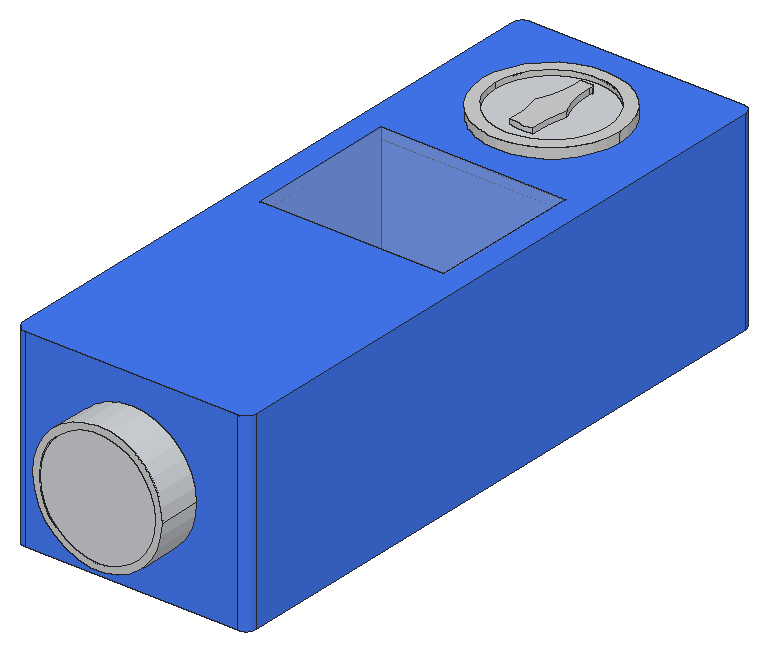
Revit family "Building-ConnessioniIEC309-GEWISS-66IB-PRESE-INTERBLOCCATE-HD_IP66_SENZA_FONDO", category Apparecchi elettrici, host Superficie, Revit 2019
Family settings
  Host = Superficie
  Mantenere orientamento annotazione = Sì
  Quota connettore circolare = Usa diametro
  Tipo di parte = Normale
  Taglio con vuoti quando caricato = Sì
  Condiviso = Sì
  Punto di calcolo locali = Sì
Parameters (values of type "GW66557 - PRESA BL.IP66 S.F.3P+T 32A 380V 3H DIR")
  volt = 0 V
  vetro = Default - Vetro
  presa = Grigio RAL - 7035
  n-poli = 1
  giallo = 0 mm
  dist_piano [instance] = 0 mm
  Vista_2d_pianta [instance] = yes
  Versione file RFA = "21.4"
  URL = "https://www.gewiss.com/it/it"
  Tipologia = "Verticale"
  Tipo di impiego = "Impieghi gravosi"
  Termopressione con biglia = "80 °C"
  Tensione nominale = "380-440V"
  Temperatura di utilizzo = "-25 +40 °C"
  Temperatura di funzionamento = "-25 ÷ +40 °C"
  Struttura = Grigio RAL - 7035
  Simbolo presa = PRESAINDSTAGNA : 3P
  Simbolo [instance] = no
  Simb_circuito [instance] = not(Simbolo)  # yes
  Scheda Tecnica = "https://www.gewiss.com/it/it/search?q=GW66557"
  SEO = "Presa"
  Riferimento h = "3"
  Resistenza agli urti a -20Â°C = "20J"
  Resistenza agli urti = "> IK10"
  Protezione = "NO (SBF)"
  Default Elevation = 1219.2 mm
  Produttore = "GEWISS S.p.A."
  Numero di poli = "3P+T"
  N. poli = "3P+T"
  Modello = "GW66557"
  Immagine tipo = M.jpg
  IDT = "38c102dc-65b8-441d-a2b4-99b5fbc5d4a6"
  IDF = "61bb3ee4-78ce-4e01-93d1-de5956ea7040"
  Grado di protezione = "IP66"
  Glow wire test: = "850 °C"
  Glow Wire Test = "850 °C"
  Frequenza nominale (Hz) = "50/60 Hz"
  Frequenza = "50/60 Hz"
  Distanza x [instance] = 500 mm
  Distanza orizzontale simbolo [instance] = 0 mm
  Distanza effettiva x [instance] = 1500 mm - Distanza x  # 1000 mm
  Descrizione = "PRESA BL.IP66 S.F.3P+T 32A 380V 3H DIR"
  Creato da GEWISS S.p.A. = ""
  Corrente nominale (In) = "32"
  Corrente nominale (A) = "32"
  Corpo presa = Light Blue
  Cornice simbolo [instance] = yes
  Con fondo = "No"
  Colore: = "Rosso"
  Colore = "Rosso"
  Codice Electrocod = "2222"
  Codice EAN = "8011564098527"
  Catalogo Serie = "66 IB"
  Catalogo = "BUILDING"
  COBie.Tagnumber = ""
  COBie.CreatedOn = ""
  COBie.CreatebBy = ""
  COBie.ComponentRegisterItemID = ""
  COBie.Component.TagNumber = ""
  COBie.Component.Space = ""
  COBie.Component.SerialNumber = ""
  COBie.Component.InstallationDate = ""
  COBie.Component.Description = ""
  COBie.Component.BarCode = ""
Types (23, lengths in mm): name | Tensione nominale | Scheda Tecnica | Riferimento h | Numero di poli | N. poli | Modello | IDT | Descrizione | Corrente nominale (In) | Corrente nominale (A) | Colore: | Colore | Codice EAN
  GW66535 - PRESA BL.IP66 S.F.2P+T 16A 110V 4H DIR | "100-130V" | "https://www.gewiss.com/it/it/search?q=GW66535" | "4" | "2P+T" | "2P+T" | "GW66535" | "3a954089-bcf9-4d69-adb2-ec131f6cb405" | "PRESA BL.IP66 S.F.2P+T 16A 110V 4H DIR" | "16" | "16" | "Giallo" | "Giallo" | "8011564098305"
  GW66536 - PRESA BL.IP66 S.F.3P+T 16A 110V 4H DIR | "100-130V" | "https://www.gewiss.com/it/it/search?q=GW66536" | "4" | "3P+T" | "3P+T" | "GW66536" | "325180c0-fe7b-48e3-bdcb-87054fda137f" | "PRESA BL.IP66 S.F.3P+T 16A 110V 4H DIR" | "16" | "16" | "Giallo" | "Giallo" | "8011564098312"
  GW66537 - PRESA BL.IP66 S.F.3P+N+T 16A 110V 4H DIR | "100-130V" | "https://www.gewiss.com/it/it/search?q=GW66537" | "4" | "3P+N+T" | "3P+N+T" | "GW66537" | "54385bb3-2ccc-4d80-a463-00b53d4a92bd" | "PRESA BL.IP66 S.F.3P+N+T 16A 110V 4H DIR" | "16" | "16" | "Giallo" | "Giallo" | "8011564098329"
  GW66538 - PRESA BL.IP66 S.F.2P+T 16A 230V 6H DIR | "200-250V" | "https://www.gewiss.com/it/it/search?q=GW66538" | "6" | "2P+T" | "2P+T" | "GW66538" | "6ee9678c-711d-4368-bc20-f30deed992b9" | "PRESA BL.IP66 S.F.2P+T 16A 230V 6H DIR" | "16" | "16" | "Blu" | "Blu" | "8011564098336"
  GW66539 - PRESA BL.IP66 S.F.3P+T 16A 230V 9H DIR | "200-250V" | "https://www.gewiss.com/it/it/search?q=GW66539" | "9" | "3P+T" | "3P+T" | "GW66539" | "76d0c6d1-da87-463d-8364-f78ca17b47e8" | "PRESA BL.IP66 S.F.3P+T 16A 230V 9H DIR" | "16" | "16" | "Blu" | "Blu" | "8011564098343"
  GW66540 - PRESA BL.IP66 S.F.3P+N+T 16A 230V 9H DIR | "200-250V" | "https://www.gewiss.com/it/it/search?q=GW66540" | "9" | "3P+N+T" | "3P+N+T" | "GW66540" | "62aab991-9a94-4f32-b406-b953c084c1fd" | "PRESA BL.IP66 S.F.3P+N+T 16A 230V 9H DIR" | "16" | "16" | "Blu" | "Blu" | "8011564098350"
  GW66541 - PRESA BL.IP66 S.F.2P+T 16A 400V 9H DIR | "380-415V" | "https://www.gewiss.com/it/it/search?q=GW66541" | "9" | "2P+T" | "2P+T" | "GW66541" | "ea950c16-c3d3-4f90-a8d7-4c6fc6a2d06f" | "PRESA BL.IP66 S.F.2P+T 16A 400V 9H DIR" | "16" | "16" | "Rosso" | "Rosso" | "8011564098367"
  GW66542 - PRESA BL.IP66 S.F.3P+T 16A 400V 6H DIR | "380-415V" | "https://www.gewiss.com/it/it/search?q=GW66542" | "6" | "3P+T" | "3P+T" | "GW66542" | "65744fe1-656c-410e-bd31-1b3795312f3d" | "PRESA BL.IP66 S.F.3P+T 16A 400V 6H DIR" | "16" | "16" | "Rosso" | "Rosso" | "8011564098374"
  GW66543 - PRESA BL.IP66 S.F.3P+N+T 16A 400V 6H DIR | "380-415V" | "https://www.gewiss.com/it/it/search?q=GW66543" | "6" | "3P+N+T" | "3P+N+T" | "GW66543" | "1c032544-72cf-4b82-a583-bc25dfc51a86" | "PRESA BL.IP66 S.F.3P+N+T 16A 400V 6H DIR" | "16" | "16" | "Rosso" | "Rosso" | "8011564098381"
  GW66544 - PRESA BL.IP66 S.F.3P+T 16A 500V 7H DIR | "480-500V" | "https://www.gewiss.com/it/it/search?q=GW66544" | "7" | "3P+T" | "3P+T" | "GW66544" | "2972cdae-c785-4537-a4fd-b216b0335ff1" | "PRESA BL.IP66 S.F.3P+T 16A 500V 7H DIR" | "16" | "16" | "Nero" | "Nero" | "8011564098398"
  GW66545 - PRESA BL.IP66 S.F.3P+N+T 16A 500V 7H DIR | "480-500V" | "https://www.gewiss.com/it/it/search?q=GW66545" | "7" | "3P+N+T" | "3P+N+T" | "GW66545" | "cefca9c5-cf11-4d15-990c-636870cac781" | "PRESA BL.IP66 S.F.3P+N+T 16A 500V 7H DIR" | "16" | "16" | "Nero" | "Nero" | "8011564098404"
  GW66546 - PRESA BL.IP66 S.F.2P+T 32A 110V 4H DIR | "100-130V" | "https://www.gewiss.com/it/it/search?q=GW66546" | "4" | "2P+T" | "2P+T" | "GW66546" | "f410c9f8-1e49-4231-a3bc-43f4d23a0566" | "PRESA BL.IP66 S.F.2P+T 32A 110V 4H DIR" | "32" | "32" | "Giallo" | "Giallo" | "8011564098411"
  GW66547 - PRESA BL.IP66 S.F.3P+T 32A 110V 4H DIR | "100-130V" | "https://www.gewiss.com/it/it/search?q=GW66547" | "4" | "3P+T" | "3P+T" | "GW66547" | "b260ca9d-19b2-46a5-904f-4121089cd508" | "PRESA BL.IP66 S.F.3P+T 32A 110V 4H DIR" | "32" | "32" | "Giallo" | "Giallo" | "8011564098428"
  GW66548 - PRESA BL.IP66 S.F.3P+N+T 32A 110V 4H DIR | "100-130V" | "https://www.gewiss.com/it/it/search?q=GW66548" | "4" | "3P+N+T" | "3P+N+T" | "GW66548" | "bb2ad851-4d70-4977-92c6-8ff996e89d91" | "PRESA BL.IP66 S.F.3P+N+T 32A 110V 4H DIR" | "32" | "32" | "Giallo" | "Giallo" | "8011564098435"
  GW66549 - PRESA BL.IP66 S.F.2P+T 32A 230V 6H DIR | "200-250V" | "https://www.gewiss.com/it/it/search?q=GW66549" | "6" | "2P+T" | "2P+T" | "GW66549" | "8cc5d177-90a3-43ad-adfe-fbe1c562771c" | "PRESA BL.IP66 S.F.2P+T 32A 230V 6H DIR" | "32" | "32" | "Blu" | "Blu" | "8011564098442"
  GW66550 - PRESA BL.IP66 S.F.3P+T 32A 230V 9H DIR | "200-250V" | "https://www.gewiss.com/it/it/search?q=GW66550" | "9" | "3P+T" | "3P+T" | "GW66550" | "818009f0-a0d8-4baf-a6aa-da972431c1fe" | "PRESA BL.IP66 S.F.3P+T 32A 230V 9H DIR" | "32" | "32" | "Blu" | "Blu" | "8011564098459"
  GW66551 - PRESA BL.IP66 S.F.3P+N+T 32A 230V 9H DIR | "200-250V" | "https://www.gewiss.com/it/it/search?q=GW66551" | "9" | "3P+N+T" | "3P+N+T" | "GW66551" | "4963179e-1562-4623-90fa-eb615016eb42" | "PRESA BL.IP66 S.F.3P+N+T 32A 230V 9H DIR" | "32" | "32" | "Blu" | "Blu" | "8011564098466"
  GW66552 - PRESA BL.IP66 S.F.2P+T 32A 400V 9H DIR | "380-415V" | "https://www.gewiss.com/it/it/search?q=GW66552" | "9" | "2P+T" | "2P+T" | "GW66552" | "301b24ee-8bf6-4705-8141-b63ca53baf5e" | "PRESA BL.IP66 S.F.2P+T 32A 400V 9H DIR" | "32" | "32" | "Rosso" | "Rosso" | "8011564098473"
  GW66553 - PRESA BL.IP66 S.F.3P+T 32A 400V 6H DIR | "380-415V" | "https://www.gewiss.com/it/it/search?q=GW66553" | "6" | "3P+T" | "3P+T" | "GW66553" | "76c1f5c5-58ea-469f-8bfc-5a346cfa2ef4" | "PRESA BL.IP66 S.F.3P+T 32A 400V 6H DIR" | "32" | "32" | "Rosso" | "Rosso" | "8011564098480"
  GW66554 - PRESA BL.IP66 S.F.3P+N+T 32A 400V 6H DIR | "380-415V" | "https://www.gewiss.com/it/it/search?q=GW66554" | "6" | "3P+N+T" | "3P+N+T" | "GW66554" | "eca66295-dbb9-4f1c-80bf-028c5649c8cc" | "PRESA BL.IP66 S.F.3P+N+T 32A 400V 6H DIR" | "32" | "32" | "Rosso" | "Rosso" | "8011564098497"
  GW66555 - PRESA BL.IP66 S.F.3P+T 32A 500V 7H DIR | "480-500V" | "https://www.gewiss.com/it/it/search?q=GW66555" | "7" | "3P+T" | "3P+T" | "GW66555" | "b8b55278-b2e3-461c-bc8b-82fed4d71479" | "PRESA BL.IP66 S.F.3P+T 32A 500V 7H DIR" | "32" | "32" | "Nero" | "Nero" | "8011564098503"
  GW66556 - PRESA BL.IP66 S.F.3P+N+T 32A 500V 7H DIR | "480-500V" | "https://www.gewiss.com/it/it/search?q=GW66556" | "7" | "3P+N+T" | "3P+N+T" | "GW66556" | "320dc6a1-2f2a-4559-aff4-a3f4894f82d4" | "PRESA BL.IP66 S.F.3P+N+T 32A 500V 7H DIR" | "32" | "32" | "Nero" | "Nero" | "8011564098510"
  GW66557 - PRESA BL.IP66 S.F.3P+T 32A 380V 3H DIR | "380-440V" | "https://www.gewiss.com/it/it/search?q=GW66557" | "3" | "3P+T" | "3P+T" | "GW66557" | "38c102dc-65b8-441d-a2b4-99b5fbc5d4a6" | "PRESA BL.IP66 S.F.3P+T 32A 380V 3H DIR" | "32" | "32" | "Rosso" | "Rosso" | "8011564098527"
Reference planes
  plane 1 "Centro (Fronte/Retro)": y = 0
  plane 2: z = 0
  plane 3 "Centro (Sinistra/Destra)": x = 0
  plane 4: z = -2
  plane 5: x = -500
  plane 6: x = -1500
  plane 7: x = -500
  plane 8: through (-170.762, -4572, -38.353) normal (-0.6157, 0, 0.788)
  plane 9: x = -51.152
  plane 10: x = 53.222
  plane 11: z = -2
  plane 12: x = -74
  plane 13: x = 74
  plane 14: y = 392
  plane 15: y = -2
Forms (mm)
  Extrusion 1, solid, detail levels coarse
    sketch origin (0, 0, 0) x (1, 0, 0) y (0, 1, 0)
      loop
        line (-74, 392) -> (-74, -2) -> (74, -2) -> (74, 392) -> (-74, 392)
    from 0 to 123
Lines and regions (mm)
  Masking region 1, visible <- "Vista_2d_pianta"
    outline origin (0, 0, 0) x (1, 0, 0) y (0, 0, 1)
  Masking region 2, visible <- "Vista_2d_pianta"
    outline origin (0, 0, 0) x (1, 0, 0) y (0, 0, 1)
      loop
        line (-74, 0) -> (74, 0) -> (74, 123) -> (-74, 123) -> (-74, 0)
Dimensions and locks
  locked: plane 2 to plane 4 at 2
  "Distanza effettiva x": plane 5 to plane 6
  plane 3 "Centro (Sinistra/Destra)" to plane 6 = 1500 mm
  "Distanza effettiva x": plane 6 to plane 7
  locked: plane 15 to plane 1 "Centro (Fronte/Retro)" at 2
  locked: plane 12 to nested 1 at 2
  locked: nested 1 to plane 13 at 2
  locked: plane 14 to nested 1 at 2
  "dist_piano": plane 11 to plane 4
  plane 6 to plane 3 "Centro (Sinistra/Destra)" = 1500 mm
  angle plane 8 to plane 4 = 142.00°
  angle plane 7 to plane 8 = 128.00°
  aligned and locked: plane 2 to host face
  aligned and locked: level to host face
  aligned and locked: plane 3 "Centro (Sinistra/Destra)" to nested 1
  aligned and locked: plane 7 to nested 3
  aligned and locked: Masking region 2 to plane 12
  aligned and locked: plane 13 to Masking region 2
  aligned and locked: Masking region 2 to level
  aligned and locked: nested 1 to plane 11
  aligned and locked: Masking region 2 to nested 1
  aligned and locked: Extrusion 1 sketch curve to plane 12
  aligned and locked: Extrusion 1 sketch curve to plane 14
  aligned and locked: Extrusion 1 sketch curve to plane 13
  aligned and locked: Extrusion 1 sketch curve to plane 15
  aligned and locked: Extrusion 1 to nested 1
  aligned and locked: Extrusion 1 to level
  aligned and locked: plane 7 to nested 2
Automatic sketch dimensions
  host sketch curve to host sketch curve = 2438.4 mm  (x2)
  Masking region 2 sketch curve to plane 10 = 20.778 mm
  plane 9 to Masking region 2 sketch curve = 22.848 mm
  level to Masking region 2 sketch curve = 0 mm
  Masking region 2 sketch curve to Masking region 2 sketch curve = 123 mm
Nested families
  nested 1: "GW66824_no fondo_master" at (0, 0, -77), type "GW66824_no fondo_master", detail levels medium+fine
  nested 2: "simbolo_circuitoGW66201N" at (-500, 30.442, 0), Distanza dal muro <- "Distanza orizzontale simbolo", SIMBOLO ACCESO <- "Simb_circuito", type "3P"
  nested 3: "PRESAINDSTAGNA" at (-500, 23.722, 0), Distanza dal muro <- "Distanza orizzontale simbolo", SIMBOLO ACCESO <- "Simbolo", type "3P"
    with SIMBOLO ACCESO no, Distanza dal muro 0 mm, BORDO ACCESO yes
Connectors
  electrical at (0, 195.052, -2), driven by "n-poli", driven by "volt"
    settings: on nested 1, index 1, voltage 0 V, apparent load 0 VA, apparent load phase1 0 VA, apparent load phase2 0 VA, apparent load phase3 0 VA, power factor 1, load classification "Altro", number of poles 1, system type 31, power factor state 1, is connector primary yes, connector utility no, sub classification motor no, connector description ""
Definition of nested family "GW66824_no fondo_master"
  Parameters (values of type "GW66824_no fondo_master")
    w = 144 mm
    sp_interbloccata = 119 mm
    d_piano = 75 mm
    corpo presa = none
    Vetro = none
    Struttura = none
    Spessore = 30 mm
    Raggio = 40 mm
    Default Elevation = 14 mm
    Presa = none
    Lunghezza = 103 mm
    IFC.TypeObject = ""
    IFC.ExportType = ""
    IFC.ExportAs = ""
    H_da terra = 586.883 mm
    COBie.CreatedOn = ""
    COBie.CreatebBy = ""
    COBie.ComponentRegisterItemID = ""
    COBie.Component.TagNumber = ""
    COBie.Component.Space = ""
    COBie.Component.SerialNumber = ""
    COBie.Component.InstallationDate = ""
    COBie.Component.Description = ""
    COBie.Component.BarCode = ""
    Altezza = 390 mm
  Reference planes
    plane 1 "Centro (Fronte/Retro)": y = 0
    plane 2: z = 0
    plane 3 "Centro (Sinistra/Destra)": x = 0
    plane 4 "presa": z = 210
    plane 5: z = 200
    plane 6: z = 194
    plane 7: x = -72
    plane 8: x = 72
    plane 9: y = 390
    plane 10: y = 0
    plane 11: y = 324
    plane 12: z = 197
    plane 13: y = 217
    plane 14: x = -57
    plane 15: x = 57
    plane 16: y = 264
    plane 17: y = 170
    plane 18: z = 84.858
    plane 19: z = 187.562
    plane 20: z = 75
    plane 21: z = 136.21
    plane 22 "presa fronte": y = -26
  Forms (mm)
    Extrusion 1, solid, material <- "Struttura"
      sketch origin (0, -427.104, -30) x (1, 0, 0) y (0, 1, 0)
        loop
          circle (0, 751.104) r 34.75
        loop
          circle (0, 751.104) r 42.079
      from 224 to 230
    Extrusion 2, solid, material <- "Struttura"
      sketch origin (0, -427.104, -30) x (1, 0, 0) y (0, 1, 0)
        loop
          arc (-9.552, 750.899) -> (-7.429, 739.645) -> (-7.314, 728.193) r 64.983
          arc (-7.314, 728.193) -> (-0.131, 727.067) -> (7.064, 728.115) r 24.316
          arc (7.064, 728.115) -> (7.302, 739.566) -> (9.547, 750.796) r 64.983
          arc (9.547, 750.796) -> (5.519, 762.425) -> (4.215, 774.661) r 54.251
          line (4.215, 774.661) -> (4.25, 777.658)
          arc (4.25, 777.658) -> (3.985, 778.329) -> (3.336, 778.647) r 1
          arc (3.336, 778.647) -> (0.147, 778.794) -> (-3.043, 778.682) r 39.364
          arc (-3.043, 778.682) -> (-3.695, 778.371) -> (-3.967, 777.702) r 1
          line (-3.967, 777.702) -> (-3.964, 774.706)
          arc (-3.964, 774.706) -> (-5.4, 762.483) -> (-9.552, 750.899) r 54.251
      from 224 to 230
    Extrusion 3, solid, material <- "corpo presa"
      sketch origin (-2.5, -699.604, -30) x (1, 0, 0) y (0, 1, 0)
        loop
          arc (74.5, 1083.298) -> (72.653, 1087.757) -> (68.194, 1089.604) r 6.306
          line (68.194, 1089.604) -> (-63.194, 1089.604)
          arc (-63.194, 1089.604) -> (-67.653, 1087.757) -> (-69.5, 1083.298) r 6.306
          line (-69.5, 1083.298) -> (-69.5, 706.118)
          arc (-69.5, 706.118) -> (-67.592, 701.512) -> (-62.985, 699.604) r 6.515
          line (-62.985, 699.604) -> (67.985, 699.604)
          arc (67.985, 699.604) -> (72.592, 701.512) -> (74.5, 706.118) r 6.515
          line (74.5, 706.118) -> (74.5, 1083.298)
      from 105 to 224
    Extrusion 4, solid
      sketch origin (0, 0, 210) x (0, -1, 0) y (1, 0, 0)
        loop
          circle (-324, 0) r 34.75
      from -16 to -13
    Extrusion 5, void
      sketch origin (0, 0, 210) x (0, -1, 0) y (1, 0, 0)
        loop
          line (-170, -57) -> (-170, 57) -> (-264, 57) -> (-264, -57) -> (-170, -57)
      from -125.142 to -16
    Extrusion 6, solid, material <- "Vetro"
      sketch origin (0, 0, 210) x (0, -1, 0) y (1, 0, 0)
        loop
          line (-170, -57) -> (-170, 57) -> (-264, 57) -> (-264, -57) -> (-170, -57)
      from -22.438 to -16
    Extrusion 7, solid, material <- "Presa"
      sketch origin (0, 0, 0) x (1, 0, 0) y (0, 0, 1)
        loop
          circle (0, 136.21) r 40
        loop
          circle (0, 136.21) r 36
      from 0 to 26
    Extrusion 8, solid
      sketch origin (0, 0, 0) x (1, 0, 0) y (0, 0, 1)
        loop
          circle (0, 136.21) r 40
      from 0 to 26
  Cuts and joins
    Extrusion 5 cuts Extrusion 3
  Lines and regions (mm)
    symbolic lines
      curve 1: line (0, -26, 178.929) -> (0, -26, 99.929)
      curve 2: line (50, -26, 136.21) -> (-50, -26, 136.21)
  Dimensions and locks
    locked: plane 5 to plane 4 "presa" at 10
    locked: plane 6 to plane 5 at 6
    equal spacing: plane 7, plane 3 "Centro (Sinistra/Destra)", plane 8
    "w": plane 7 to plane 8
    "Altezza": plane 1 "Centro (Fronte/Retro)" to plane 9
    locked: plane 9 to plane 11 at 66
    locked: plane 12 to plane 6 at 3
    locked: plane 9 to plane 13 at 173
    equal spacing: plane 14, plane 3 "Centro (Sinistra/Destra)", plane 15
    plane 14 to plane 15 = 114 mm
    equal spacing: plane 16, plane 13, plane 17
    locked: plane 16 to plane 17 at 94
    locked: plane 6 to plane 19 at 6.438
    "sp_interbloccata": plane 6 to plane 20
    "d_piano": plane 20 to level
    locked: plane 18 to plane 20 at 9.858
    locked: plane 22 "presa fronte" to plane 10 at 26
    equal spacing: plane 18, plane 21, plane 19
    diameter of Extrusion 1 sketch curve = 69.5 mm
    radius of Extrusion 4 sketch curve = 34.75 mm
    aligned and locked: level to plane 2
    aligned and locked: Extrusion 1 to Extrusion 3
    aligned and locked: Extrusion 2 to Extrusion 1
    aligned and locked: Extrusion 1 to Extrusion 2
    aligned and locked: Extrusion 3 to plane 6
    aligned and locked: Extrusion 1 to plane 5
    aligned and locked: Extrusion 3 sketch curve to plane 7
    aligned and locked: Extrusion 3 sketch curve to plane 8
    aligned and locked: Extrusion 3 sketch curve to plane 9
    aligned and locked: plane 10 to Extrusion 3 sketch curve
    aligned and locked: plane 10 to plane 1 "Centro (Fronte/Retro)"
    aligned and locked: plane 11 to Extrusion 1 sketch curve
    aligned and locked: plane 3 "Centro (Sinistra/Destra)" to Extrusion 1 sketch curve
    aligned and locked: plane 3 "Centro (Sinistra/Destra)" to Extrusion 4 sketch curve
    aligned and locked: plane 11 to Extrusion 4 sketch curve
    aligned and locked: plane 6 to Extrusion 4
    aligned and locked: plane 12 to Extrusion 4
    aligned and locked: Extrusion 5 sketch curve to plane 14
    aligned and locked: Extrusion 5 sketch curve to plane 17
    aligned and locked: Extrusion 5 sketch curve to plane 15
    aligned and locked: Extrusion 5 sketch curve to plane 16
    aligned and locked: Extrusion 5 to plane 18
    aligned and locked: Extrusion 5 to plane 6
    aligned and locked: Extrusion 6 sketch curve to plane 14
    aligned and locked: Extrusion 6 sketch curve to plane 17
    aligned and locked: Extrusion 6 sketch curve to plane 16
    aligned and locked: Extrusion 6 sketch curve to plane 15
    aligned and locked: Extrusion 6 to plane 19
    aligned and locked: Extrusion 6 to plane 6
    aligned and locked: plane 20 to cut or joined group of Extrusion 3, Extrusion 5
    aligned and locked: plane 3 "Centro (Sinistra/Destra)" to Extrusion 7 sketch curve
    aligned and locked: plane 21 to Extrusion 7 sketch curve
    aligned and locked: Extrusion 7 to plane 22 "presa fronte"
    aligned and locked: plane 3 "Centro (Sinistra/Destra)" to Extrusion 8 sketch curve
    aligned and locked: plane 21 to Extrusion 8 sketch curve
    aligned and locked: Extrusion 8 to plane 1 "Centro (Fronte/Retro)"
    aligned and locked: Extrusion 8 to plane 22 "presa fronte"
    aligned and locked: plane 3 "Centro (Sinistra/Destra)" to curve 1
    aligned and locked: curve 2 to plane 21
  Automatic sketch dimensions
    Extrusion 2 sketch curve to plane 3 "Centro (Sinistra/Destra)" = 0 mm
    Extrusion 2 sketch curve to plane 3 "Centro (Sinistra/Destra)" = 0.064 mm
    Extrusion 2 sketch curve to plane 3 "Centro (Sinistra/Destra)" = 2.967 mm
    Extrusion 2 sketch curve to Extrusion 2 sketch curve = 0.997 mm
    Extrusion 2 sketch curve to Extrusion 2 sketch curve = 1 mm  (x2)
    Extrusion 2 sketch curve to Extrusion 2 sketch curve = 54.251 mm
    Extrusion 2 sketch curve to Extrusion 2 sketch curve = 13.883 mm
    plane 3 "Centro (Sinistra/Destra)" to Extrusion 2 sketch curve = 3.25 mm
    Extrusion 2 sketch curve to Extrusion 2 sketch curve = 0.965 mm
    Extrusion 2 sketch curve to Extrusion 2 sketch curve = 54.25 mm
    Extrusion 2 sketch curve to Extrusion 2 sketch curve = 13.435 mm
    Extrusion 2 sketch curve to plane 1 "Centro (Fronte/Retro)" = 305.393 mm
    Extrusion 2 sketch curve to plane 1 "Centro (Fronte/Retro)" = 306.167 mm
    Extrusion 2 sketch curve to plane 1 "Centro (Fronte/Retro)" = 312.327 mm
    Extrusion 2 sketch curve to Extrusion 2 sketch curve = 11.953 mm
    Extrusion 2 sketch curve to Extrusion 2 sketch curve = 41.757 mm
    Extrusion 2 sketch curve to Extrusion 2 sketch curve = 23.278 mm
    Extrusion 2 sketch curve to Extrusion 2 sketch curve = 0.044 mm
    Extrusion 2 sketch curve to Extrusion 2 sketch curve = 41.61 mm
    Extrusion 2 sketch curve to Extrusion 2 sketch curve = 2.99 mm
    Extrusion 2 sketch curve to Extrusion 2 sketch curve = 0.007 mm
    Extrusion 2 sketch curve to Extrusion 2 sketch curve = 2.979 mm
    Extrusion 2 sketch curve to Extrusion 2 sketch curve = 0.018 mm
    Extrusion 2 sketch curve to Extrusion 2 sketch curve = 0 mm
    Extrusion 2 sketch curve to plane 3 "Centro (Sinistra/Destra)" = 7.314 mm
    Extrusion 2 sketch curve to Extrusion 2 sketch curve = 9.552 mm
    plane 3 "Centro (Sinistra/Destra)" to Extrusion 2 sketch curve = 7.064 mm
    Extrusion 3 sketch curve to Extrusion 3 sketch curve = 6.306 mm  (x2)
    Extrusion 3 sketch curve to Extrusion 3 sketch curve = 6.515 mm  (x2)
    Extrusion 1 sketch curve to Extrusion 1 sketch curve = 0 mm  (x2)
    Extrusion 7 sketch curve to Extrusion 7 sketch curve = 0 mm  (x2)
    plane 18 to curve 1 = 15.071 mm
    curve 1 to plane 19 = 8.633 mm
    curve 2 to plane 14 = 7 mm
    plane 15 to curve 2 = 7 mm
    radius of Extrusion 1 sketch curve = 42.079 mm
    radius of Extrusion 7 sketch curve = 40 mm
    radius of Extrusion 7 sketch curve = 36 mm
    radius of Extrusion 8 sketch curve = 40 mm
Definition of nested family "simbolo_circuitoGW66201N"
  Parameters (values of type "3P")
    SIMBOLO ACCESO [instance] = yes
    SIMBOLO = PRESAINDSTAGNA_BASE : 3P
    Distanza dal muro [instance] = 0 mm
    BORDO ACCESO [instance] = yes
  Reference planes
    plane 1: y = 0
    plane 2: x = 0
  Dimensions and locks
    "Distanza dal muro": plane 1 to nested 1
    aligned and locked: plane 2 to nested 1
  Nested families
    nested 1: "GW66201N-simb_base_di circuito" at (0, 0, 0), visible <- "SIMBOLO ACCESO", type "3P"
      with CORNICE SIMBOLO yes
  Definition of nested family "GW66201N-simb_base_di circuito"
    Parameters (values of type "3P")
      CORNICE SIMBOLO [instance] = yes
      3P = yes
    Types (2, lengths in mm): name | 3P
      3P | yes
      2P | no
    Reference planes
      plane 1: y = 0
      plane 2: x = 0
    Lines and regions (mm)
      detail lines, not visible
        curve 1: line (-2.443, 10.208, 0) -> (2.057, 10.208, 0)
        curve 2: line (2.057, 10.208, 0) -> (2.057, 4.208, 0)
        curve 3: line (2.057, 4.208, 0) -> (-2.443, 4.208, 0)
        curve 4: line (-2.443, 4.208, 0) -> (-2.443, 10.208, 0)
        curve 5: line (-2.043, 9.808, 0) -> (1.657, 9.808, 0)
        curve 6: line (1.657, 9.808, 0) -> (1.657, 4.608, 0)
        curve 7: line (1.657, 4.608, 0) -> (-2.043, 4.608, 0)
        curve 8: line (-2.043, 4.608, 0) -> (-2.043, 9.808, 0)
    Dimensions and locks
      aligned and locked: import instance to plane 2
      aligned and locked: plane 1 to import instance
Definition of nested family "PRESAINDSTAGNA"
  Parameters (values of type "3P")
    SIMBOLO ACCESO [instance] = yes
    SIMBOLO = PRESAINDSTAGNA_BASE : 3P
    Distanza dal muro [instance] = 0 mm
    BORDO ACCESO [instance] = yes
  Types (2): name
    2P
    3P
  Reference planes
    plane 1: y = 0
    plane 2: x = 0
  Dimensions and locks
    "Distanza dal muro": plane 1 to nested 1
    aligned and locked: plane 2 to nested 1
  Nested families
    nested 1: "PRESAINDSTAGNA_BASE" at (0, 0, 0), type <- "SIMBOLO", CORNICE SIMBOLO <- "BORDO ACCESO", visible <- "SIMBOLO ACCESO", type "3P"
  Definition of nested family "PRESAINDSTAGNA_BASE"
    Parameters (values of type "3P")
      CORNICE SIMBOLO [instance] = yes
      3P = yes
    Types (2, lengths in mm): name | 3P
      3P | yes
      2P | no
    Reference planes
      plane 1: y = 0
      plane 2: x = 0
    Lines and regions (mm)
      detail lines, not visible
        curve 1: line (-2.443, 10.208, 0) -> (2.057, 10.208, 0)
        curve 2: line (2.057, 10.208, 0) -> (2.057, 4.208, 0)
        curve 3: line (2.057, 4.208, 0) -> (-2.443, 4.208, 0)
        curve 4: line (-2.443, 4.208, 0) -> (-2.443, 10.208, 0)
        curve 5: line (-2.043, 9.808, 0) -> (1.657, 9.808, 0)
        curve 6: line (1.657, 9.808, 0) -> (1.657, 4.608, 0)
        curve 7: line (1.657, 4.608, 0) -> (-2.043, 4.608, 0)
        curve 8: line (-2.043, 4.608, 0) -> (-2.043, 9.808, 0)
      detail lines
        curve 9: line (-0.333, 0.928, 0) -> (-0.05, 0.928, 0)
        curve 10: line (-0.05, 0.928, 0) -> (0.417, 1.737, 0)
        curve 11: line (0.417, 1.737, 0) -> (0.764, 1.537, 0)
        curve 12: line (-0.05, 0.928, 0) -> (-0.333, 0.437, 0)
        curve 13: line (-0.333, 0.437, 0) -> (-0.333, 2.059, 0)
        curve 14: line (0.222, 1.399, 0) -> (0.569, 1.199, 0)
        curve 15: line (-0.723, 0.437, 0) -> (0.057, 0.437, 0)
        curve 16: line (-0.333, 0.81, 0) -> (-0.216, 0.928, 0)
        curve 17: line (-0.333, 0.741, 0) -> (-0.147, 0.928, 0)
        curve 18: line (-0.333, 0.672, 0) -> (-0.078, 0.928, 0)
        curve 19: line (-0.333, 0.603, 0) -> (-0.106, 0.831, 0)
        curve 20: line (-0.333, 0.534, 0) -> (-0.2, 0.668, 0)
        curve 22: arc (-0.723, 0.047, 0) -> (-0.333, 0.437, 0) -> (0.057, 0.047, 0) r 0.39
        curve 23: line (-0.8, 2.1, 0) -> (0.8, 2.1, 0)
        curve 24: line (-0.8, 0, 0) -> (-0.8, 2.1, 0)
        curve 25: line (0.8, 0, 0) -> (-0.8, 0, 0)
        curve 26: line (0.8, 2.1, 0) -> (0.8, 0, 0)
      detail lines, visible <- "3P"
        curve 21: line (0.028, 1.061, 0) -> (0.374, 0.861, 0)
